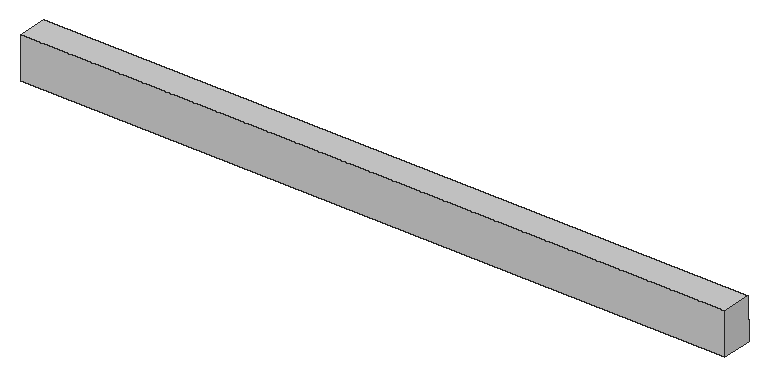
Revit family "Lum_Teto_Tubo_Spor1", category Lighting Fixtures, host Ceiling, Revit 2025
Family settings
  Host = Ceiling
  Round Connector Dimension = Use Diameter
  Part Type = Normal
  OmniClass Number = 23.80.70.11
  OmniClass Title = Luminaries for Internal Lighting
  Always vertical = Yes
  Cut with Voids When Loaded = No
  Light Source = Yes
  Maintain Annotation Orientation = No
  Shared = No
  Room Calculation Point = No
Parameters (values of type "Luminária_Tubular_Sobrepor_1_Lâmpada")
  Wattage = 9.2903 W
  built-in parameter 1150110 = 1 (stored number, unit not read)
  built-in parameter 1114217 = 1 (stored number, unit not read)
  built-in parameter 1150109 = 1 (stored number, unit not read)
  built-in parameter 1150134 = 3
  built-in parameter 1150113 = 1 (stored number, unit not read)
  built-in parameter 1150105 = 439.27 (stored number, unit not read)
  Lumens = 1380 lm
  built-in parameter 1150115 = 1 (stored number, unit not read)
  Lumi_Material = CT_Luminaria
  Lumi_Largura_Interna = Lumi_Largura - 10 mm  # 40 mm
  Lumi_Largura = 50 mm
  Lumi_Comprimento = 1200 mm
  Lumi_Altura = 70 mm
  Light Source Symbol Size = 30 mm
  built-in parameter 1150137 = (empty or 0)
  built-in parameter 1150139 = (empty or 0)
  built-in parameter 1150112 = 1 (stored number, unit not read)
  built-in parameter 1150114 = 1 (stored number, unit not read)
  built-in parameter 1150132 = (empty or 0)
  built-in parameter 1150102 = (empty or 0)
  built-in parameter 1150107 = 3200 (stored number, unit not read)
  built-in parameter 1150138 = (empty or 0)
  built-in parameter 1150106 = 4.3927 (stored number, unit not read)
  Emit from Line Length = 1100 mm
  built-in parameter 1150104 = 13.8 (stored number, unit not read)
  Dimming Lamp Color Temperature Shift = <None>
  Default Elevation = 0 mm
  Color Filter = 16777215
  built-in parameter 1114218 = 1 (stored number, unit not read)
  built-in parameter 1150133 = 10 (stored number, unit not read)
Reference planes
  plane 1 "Eixo de origem da luz (F/T)": y = 0
  plane 2: z = 0
  plane 3 "Eixo de origem da luz (E/D)": x = 0
  plane 4 "Forro": z = 4000
  plane 5 "Elevação da origem da luz": z = 3930
  plane 6 "Tubo_E": x = -550
  plane 7 "Tubo_D": x = 550
Forms (mm)
  Extrusion 1, solid, material "CT_Luminaria" <- "Lumi_Material"
    sketch origin (0, 0, 4000) x (0, 1, 0) y (-1, 0, 0)
      loop
        line (25, 600) -> (-25, 600) -> (-25, -600) -> (25, -600) -> (25, 600)
    from 0 to -70
  Extrusion 2, void
    sketch origin (550, 0, 0) x (0, 1, 0) y (0, 0, 1)
      loop
        line (-20, 3930) -> (20, 3930) -> (20, 3946.124)
        arc (20, 3946.124) -> (-0.003, 3948.533) -> (-20, 3946.072) r 83.356
        line (-20, 3946.072) -> (-20, 3930)
    from 0 to -1100
Dimensions and locks
  equal spacing: host sketch curve, plane 3 "Eixo de origem da luz (E/D)", host sketch curve
  equal spacing: host sketch curve, plane 1 "Eixo de origem da luz (F/T)", host sketch curve
  host sketch curve to host sketch curve = 4000 mm  (x2)
  plane 4 "Forro" to host ceiling = 0 mm
  equal spacing: Extrusion 1 sketch curve, plane 3 "Eixo de origem da luz (E/D)", Extrusion 1 sketch curve
  equal spacing: Extrusion 1 sketch curve, plane 1 "Eixo de origem da luz (F/T)", Extrusion 1 sketch curve
  "Lumi_Largura": Extrusion 1 sketch curve to Extrusion 1 sketch curve
  "Lumi_Comprimento": Extrusion 1 sketch curve to Extrusion 1 sketch curve
  "Lumi_Altura": plane 5 "Elevação da origem da luz" to plane 4 "Forro"
  equal spacing: plane 6 "Tubo_E", plane 3 "Eixo de origem da luz (E/D)", plane 7 "Tubo_D"
  plane 6 "Tubo_E" to plane 7 "Tubo_D" = 1100 mm
  equal spacing: Extrusion 2 sketch curve, plane 1 "Eixo de origem da luz (F/T)", Extrusion 2 sketch curve
  "Lumi_Largura_Interna": Extrusion 2 to Extrusion 2
  aligned and locked: plane 5 "Elevação da origem da luz" to Extrusion 1
  aligned and locked: imposter light to Extrusion 1
Automatic sketch dimensions
  plane 5 "Elevação da origem da luz" to Extrusion 2 sketch curve = 0 mm
  Extrusion 2 sketch curve to plane 1 "Eixo de origem da luz (F/T)" = 0.104 mm
  plane 5 "Elevação da origem da luz" to Extrusion 2 sketch curve = 64.822 mm
  plane 1 "Eixo de origem da luz (F/T)" to Extrusion 2 sketch curve = 20 mm
  Extrusion 2 sketch curve to plane 5 "Elevação da origem da luz" = 16.072 mm
